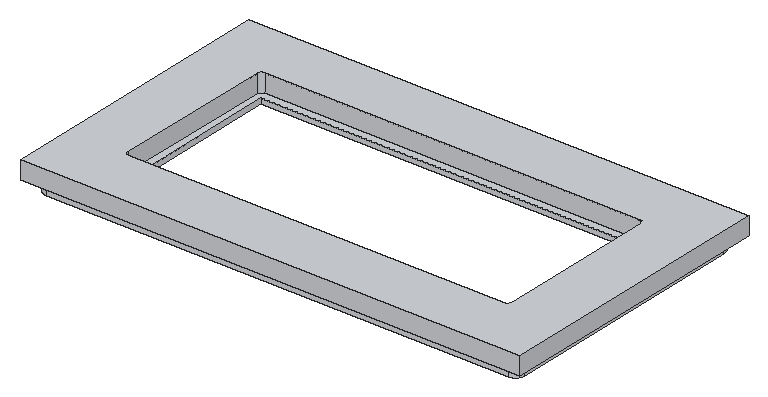
Revit family "Gira_1002226", category Electrical Fixtures, host Face, Revit 2017
Family settings
  Host = Face
  Maintain Annotation Orientation = No
  Round Connector Dimension = Use Diameter
  Part Type = Normal
  Cut with Voids When Loaded = No
  Shared = No
  Room Calculation Point = No
Parameters (values of type "Abdeckrahmen 2f o.M. Gira Esprit Lin.Mpx.Anthrazit")
  Werkstoffgüte = "sonstige"
  Werkstoff = "sonstige"
  URL = "http://katalog.gira.de/de_DE/datenblatt.html?artikelnr=1002226"
  Transparent = "No"
  Textfeld/Beschriftungsfläche = "No"
  Schutzart (IP) = "IP20"
  Region = "DE"
  Oberfläche = "sonstige"
  Name = "Abdeckrahmen 2f o.M. Gira Esprit Lin.Mpx.Anthrazit"
  Montagerichtung = "horizontal und vertikal"
  Mit Montagerahmen = "No"
  Mit Klappdeckel = "No"
  Manufacturer URL = "https://www.gira.de/"
  Keynote = "Espr._Rahmen_2fach o.Mittelsteg"
  HeinzeBIM = "https://bimportal.heinze.de/bim/abdeckrahmen-2f-o-m-gira-esprit-lin-mpx-anthrazit/d3840604b7db5d0f3356c969076983754f1a25df"
  Halogenfrei = "No"
  HAN = "1002226"
  Geeignet für Unterputz-Installation = "Yes"
  Geeignet für Unterflurkanaldose = "No"
  Geeignet für Geräteeinbaukanal = "No"
  Geeignet für Einbauinstallation = "No"
  GTIN = "4010337015925"
  Farbe = "sonstige"
  Default Elevation = 1219.2 mm
  Data sheet (1) = "https://katalog.gira.de/de_DE/download.html?artikelnr=1002226"
  Category = "Abdeckrahmen"
  Befestigungsart = "Klemmbefestigung"
  Available = "Yes"
  Anzahl der Einheiten vertikal = "2 "
  Anzahl der Einheiten horizontal = "2 "
  Anzahl der Einheiten = "2 "
Reference planes
  plane 1 "Center (Front/Back)": y = 0
  plane 2: z = 0
  plane 3 "Center (Left/Right)": x = 0
Forms (mm)
  Extrusion 1, solid, detail levels fine
    sketch origin (0, 0, 0) x (1, 0, 0) y (0, 1, 0)
      loop
        line (-83, 47.5) -> (-83, -47.5) -> (83, -47.5) -> (83, 47.5) -> (-83, 47.5)
      loop
        arc (-63.75, -26.7) -> (-63.311, -27.761) -> (-62.25, -28.2) r 1.5
        line (-62.25, -28.2) -> (62.25, -28.2)
        arc (62.25, -28.2) -> (63.311, -27.761) -> (63.75, -26.7) r 1.5
        line (63.75, -26.7) -> (63.75, 26.7)
        arc (63.75, 26.7) -> (63.311, 27.761) -> (62.25, 28.2) r 1.5
        line (62.25, 28.2) -> (-62.25, 28.2)
        arc (-62.25, 28.2) -> (-63.311, 27.761) -> (-63.75, 26.7) r 1.5
        line (-63.75, 26.7) -> (-63.75, -26.7)
    from 0 to 6
  Extrusion 2, solid, detail levels fine
    sketch origin (0, 0, 0) x (1, 0, 0) y (0, 1, 0)
      loop
        line (-61.518, -25.7) -> (61.45, -25.7) -> (61.45, 25.7) -> (-61.518, 25.7) -> (-61.518, -25.7)
      loop
        arc (-78.55, -41.3) -> (-78.023, -42.573) -> (-76.75, -43.1) r 1.8
        line (-76.75, -43.1) -> (77.95, -43.1)
        arc (77.95, -43.1) -> (79.223, -42.573) -> (79.75, -41.3) r 1.8
        line (79.75, -41.3) -> (79.75, 41.3)
        arc (79.75, 41.3) -> (79.223, 42.573) -> (77.95, 43.1) r 1.8
        line (77.95, 43.1) -> (-76.75, 43.1)
        arc (-76.75, 43.1) -> (-78.023, 42.573) -> (-78.55, 41.3) r 1.8
        line (-78.55, 41.3) -> (-78.55, -41.3)
    from -1.9 to 0
  Extrusion 3, solid, detail levels fine
    sketch origin (0, 0, 0) x (1, 0, 0) y (0, 1, 0)
      loop
        arc (-76.75, 44.4) -> (-78.871, 43.521) -> (-79.75, 41.4) r 3
        line (-79.75, 41.4) -> (-79.75, -41.4)
        arc (-79.75, -41.4) -> (-78.871, -43.521) -> (-76.75, -44.4) r 3
        line (-76.75, -44.4) -> (76.75, -44.4)
        arc (76.75, -44.4) -> (78.871, -43.521) -> (79.75, -41.4) r 3
        line (79.75, -41.4) -> (79.75, 41.4)
        arc (79.75, 41.4) -> (78.871, 43.521) -> (76.75, 44.4) r 3
        line (76.75, 44.4) -> (-76.75, 44.4)
      loop
        arc (-78.55, -41.4) -> (-78.023, -42.673) -> (-76.75, -43.2) r 1.8
        line (-76.75, -43.2) -> (76.75, -43.2)
        arc (76.75, -43.2) -> (78.023, -42.673) -> (78.55, -41.4) r 1.8
        line (78.55, -41.4) -> (78.55, 41.4)
        arc (78.55, 41.4) -> (78.023, 42.673) -> (76.75, 43.2) r 1.8
        line (76.75, 43.2) -> (-76.75, 43.2)
        arc (-76.75, 43.2) -> (-78.023, 42.673) -> (-78.55, 41.4) r 1.8
        line (-78.55, 41.4) -> (-78.55, -41.4)
    from -3.7 to 0
  Extrusion 4, solid, detail levels medium
    sketch origin (0, 0, 0) x (1, 0, 0) y (0, 1, 0)
      loop
        line (-83, 47.5) -> (-83, -47.5) -> (83, -47.5) -> (83, 47.5) -> (-83, 47.5)
    from 0 to 6
  Extrusion 5, solid, detail levels medium
    sketch origin (0, 0, 0) x (1, 0, 0) y (0, 1, 0)
      loop
        line (-79.75, 44.4) -> (-79.75, -44.4) -> (79.75, -44.4) -> (79.75, 44.4) -> (-79.75, 44.4)
    from -3.7 to 0
  Extrusion 6, solid, detail levels coarse
    sketch origin (0, 0, 0) x (1, 0, 0) y (0, 1, 0)
      loop
        line (-83, 47.5) -> (-83, -47.5) -> (83, -47.5) -> (83, 47.5) -> (-83, 47.5)
    from -3.7 to 6
Dimensions and locks
  aligned and locked: plane 2 to host face
  aligned and locked: level to host face
